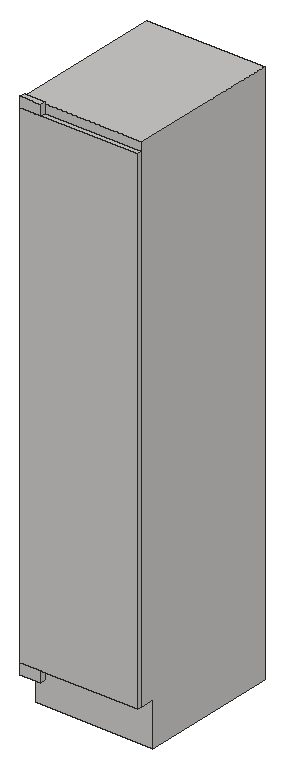
Revit family "RF411704", category Generic Models, Revit 2014
Parameters (values of type "RF411704")
  Width = 451 mm
  URL = "http://www.gaggenau.com."
  Model = "RF411704"
  Manufacturer = "Gaggenau"
  Height = 2125 mm
  Handle = Metal Panel
  Fridge = Metal Panel
  Door = Metal Panel
  Description = "Gaggenau 18\" Freezer column with integrated ice maker"
  Depth = 608 mm
Reference planes
  plane 1 "Center (Front/Back)": y = 0
  plane 2: z = 0
  plane 3 "Center (Left/Right)": x = 0
  plane 4: z = 2125
  plane 5: x = -225.5
  plane 6: x = 225.5
  plane 7: y = 266.012
  plane 8: y = -341.988
  plane 9: z = 181
  plane 10: z = 102
  plane 11: z = 14.093
  plane 12: z = 2131
  plane 13: z = 2091
  plane 14: y = -268.988
  plane 15: y = -321.988
  plane 16: x = 165.294
Forms (mm)
  Extrusion 1, solid, material "Metal Panel" <- "Fridge"
    sketch origin (0, 0, 0) x (0, 1, 0) y (0, 0, 1)
      loop
        line (266.012, 2125) -> (-321.988, 2125) -> (-321.988, 181) -> (-268.988, 181) -> (-268.988, 14.093) -> (266.012, 14.093) -> (266.012, 2125)
    from -225.5 to 225.5
  Extrusion 2, solid, material "Metal Panel" <- "Door"
    sketch origin (0, 0, 0) x (1, 0, 0) y (0, 0, 1)
      loop
        line (-225.5, 181) -> (225.5, 181) -> (225.5, 2091) -> (-225.5, 2091) -> (-225.5, 181)
    from 321.988 to 341.988
  Extrusion 3, solid, material "Metal Panel" <- "Door"
    sketch origin (-371, 0, -0.35) x (1, 0, 0) y (0, 0, 1)
      loop
        line (225.5, 2131.35) -> (145.5, 2131.35) -> (145.5, 2091.35) -> (225.5, 2091.35) -> (225.5, 2131.35)
      loop
        line (225.5, 181.35) -> (145.5, 181.35) -> (145.5, 141.35) -> (225.5, 141.35) -> (225.5, 181.35)
    from 321.988 to 341.988
  Extrusion 4, solid, material "Metal Panel" <- "Fridge"
    sketch origin (0, 0, 0) x (1, 0, 0) y (0, 1, 0)
      loop
        circle (-193.903, -159.898) r 11.868
      loop
        circle (-193.903, 159.898) r 11.868
      loop
        circle (193.903, -159.898) r 11.868
      loop
        circle (193.903, 159.898) r 11.868
    from 0 to 14.093
Dimensions and locks
  "Width": plane 5 to plane 6
  plane 7 to plane 8 = 608 mm  (x2)
  plane 4 to plane 2 = 2125 mm
  plane 9 to plane 2 = 181 mm
  plane 10 to plane 2 = 102 mm
  plane 12 to plane 13 = 40 mm
  plane 14 to plane 8 = 73 mm
  plane 6 to plane 16 = 60.206 mm
  equal spacing: plane 5, plane 3 "Center (Left/Right)", plane 6
  plane 12 to plane 10 = 2029 mm
  aligned and locked: level to plane 2
  aligned and locked: plane 5 to Extrusion 1
  aligned and locked: plane 6 to Extrusion 1
  aligned and locked: Extrusion 2 to plane 8
  aligned and locked: Extrusion 2 to Extrusion 1
  aligned and locked: Extrusion 3 to plane 8
  aligned and locked: Extrusion 3 to Extrusion 1
  aligned and locked: plane 13 to Extrusion 2 sketch curve
  aligned and locked: plane 6 to Extrusion 2 sketch curve
  aligned and locked: plane 5 to Extrusion 2 sketch curve
Automatic sketch dimensions
  Extrusion 1 sketch curve to plane 4 = 0 mm
  Extrusion 1 sketch curve to plane 15 = 0 mm
  Extrusion 1 sketch curve to plane 9 = 0 mm
  Extrusion 1 sketch curve to plane 14 = 0 mm
  Extrusion 1 sketch curve to plane 7 = 0 mm
  Extrusion 1 sketch curve to plane 11 = 0 mm
  Extrusion 4 sketch curve to plane 5 = 31.597 mm  (x2)
  plane 16 to Extrusion 4 sketch curve = 28.608 mm  (x2)
  Extrusion 4 sketch curve to plane 14 = 109.089 mm  (x2)
  Extrusion 4 sketch curve to plane 7 = 106.114 mm  (x2)
  plane 10 to Extrusion 2 sketch curve = 79 mm
  Extrusion 3 sketch curve to plane 16 = 390.794 mm  (x2)
  Extrusion 3 sketch curve to plane 12 = 0 mm
  Extrusion 3 sketch curve to plane 6 = 371 mm  (x2)
  Extrusion 3 sketch curve to plane 9 = 0 mm
  Extrusion 3 sketch curve to plane 13 = 0 mm
  Extrusion 3 sketch curve to plane 9 = 40 mm
  radius of Extrusion 4 sketch curve = 11.868 mm  (x4)
